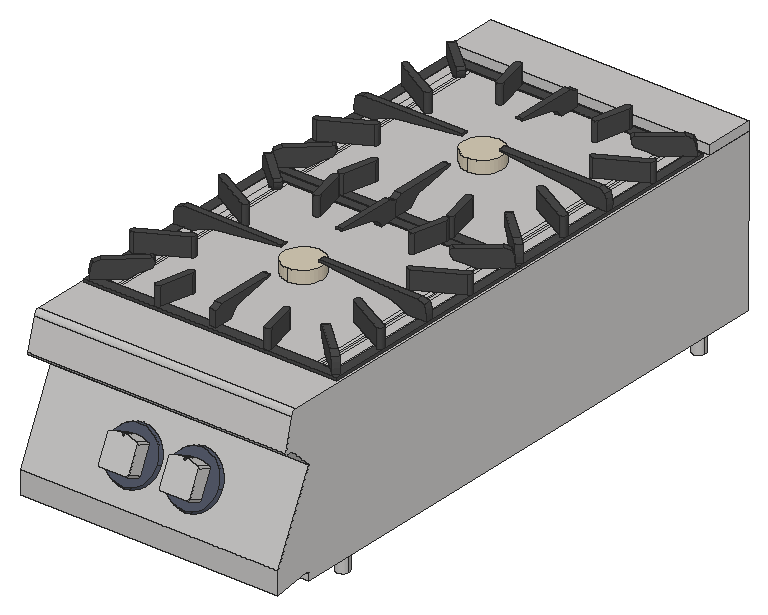
Revit family "QF_ZANUSSI_392000_Z9GCGD2S00", category Specialty Equipment, Revit 2018
Family settings
  Round Connector Dimension = Use Diameter
  Part Type = Normal
  Work Plane-Based = No
  Always vertical = Yes
  Cut with Voids When Loaded = No
  Shared = No
  Room Calculation Point = No
Parameters
  Weight in Pounds = 43
  Weight = 0.00 kg
  Watts = 0 W
  Volts = 0 V
  URL Manufacturer = "http://www.zanussiprofessional.com"
  URL Cutsheet = "www.electrolux.com"
  URL = "http://www.zanussiprofessional.com"
  Type Mark [instance] = ""
  Steam Supply Size = 0"
  Steam Supply Minimum Pressure = 0.00 psi
  Steam Supply Maximum Pressure = 0.00 psi
  Steam Pounds per Hour = 0
  Status [instance] = ""
  Specification by User [instance] = ""
  Specification by Manufacturer = ""
  Show Logo [instance] = yes
  Show Clearance [instance] = yes
  Serial Number = ""
  Seismic Rating = ""
  SMACNA No = ""
  Revision Code [instance] = ""
  Refrigeration Suction Line Size = 0"
  Refrigeration Liquid Line Size = 0"
  Refrigerant Compressor Remote = yes
  Phase = 0
  Omniclass Number and Title = ""
  NAFEM Spec ID Number = ""
  Model = "Z9GCGD2S00"
  Mechanical Remarks [instance] = ""
  Mechanical Connection Type [instance] = ""
  Masterspec = ""
  Manufacturer = "Zanussi"
  Length Actual = 400 mm  # constant formula
  Item Number [instance] = "392000"
  Installed By [instance] = ""
  Identify Quantity as Lot [instance] = yes
  Hot Water Size = 0"
  Height Actual = 250 mm  # constant formula
  HP = "0 HP"
  Gas Size = 1/2"
  Gas RI Height [instance] = 0 mm
  Gas KW [instance] = 12
  Gas Input [instance] = 0.304318 Btu/h
  Gas Connection Height = 0 mm
  Furnished By [instance] = ""
  Foodservice Equipment Identifier [instance] = yes
  Direct Waste Size = 0"
  Description = "2-BURNER GAS BOILING TOP 400 MM"
  Depth Actual = 900 mm  # constant formula
  Cycle = 0 Hz
  Condensate Return Size = 0"
  Compressed Air Volume = 0 GPM
  Compressed Air Size = 0"
  Compressed Air Pressure = 0.00 psi
  Cold Water Size = 0"
  CSI MasterFormat = ""
  CSI Master Format = ""
  Accessory = yes
Reference planes
  plane 1 "BACK": y = 0
  plane 2: z = 0
  plane 3 "LEFT": x = 0
  plane 4 "RIGHT": x = 400.05
  plane 5 "FRONT": y = -915
  plane 6 "TOP": z = 309.563
  plane 7 "Center Y": x = 200.025
  plane 8 "Center X": y = -457.5
  plane 9: z = 23.812
  plane 10: z = 274.638
  plane 11: y = -82
  plane 12: x = 347.663
  plane 13: y = -790
  plane 14: y = -666
  plane 15: y = -609
Forms (mm)
  Extrusion 1, solid, material "QF_Finishes_Stainless Steel"
    sketch origin (0, 0, 0) x (0, 1, 0) y (0, 0, 1)
      loop
        line (0, 23.813) -> (0, 273.813) -> (-879.358, 273.813)
        arc (-879.358, 273.813) -> (-884.643, 271.623) -> (-886.833, 266.338) r 7.474
        line (-886.833, 266.338) -> (-899.884, 220.823)
        arc (-899.884, 220.823) -> (-899.396, 218.191) -> (-897, 216.996) r 3
        line (-897, 216.996) -> (-886.802, 216.996) -> (-854.982, 185.177) -> (-915, 64.321) -> (-915, 29.321) -> (-858.645, 37.241)
        arc (-858.645, 37.241) -> (-856.101, 36.487) -> (-855, 34.072) r 3.2
        line (-855, 34.072) -> (-855, 23.813) -> (0, 23.813)
    from 0 to 400.05
  Extrusion 2, solid, material "QF_Finishes_Stainless Steel"
    sketch origin (0, -836.697, 23.813) x (1, 0, 0) y (0, -1, 0)
      loop
        circle (11.112, -754.697) r 9.5
      loop
        circle (11.112, -46.697) r 9.5
      loop
        circle (388.937, -754.697) r 9.5
      loop
        circle (388.937, -61.972) r 9.5
    from 0 to 23.812
  Extrusion 3, solid, material "QF_Finishes_Stainless Steel"
    sketch origin (0, -836.697, 23.813) x (1, 0, 0) y (0, -1, 0)
      loop
        circle (347.663, -170.697) r 6.4
      loop
        circle (249.05, -227.697) r 6.4
    from 0 to 20
  Extrusion 4, solid, material "QF_Finishes_Stainless Steel"
    sketch origin (0, 0, 0) x (0, 1, 0) y (0, 0, 1)
      loop
        line (0, 274.638) -> (0, 288.925) -> (-75.65, 288.925) -> (-75.65, 274.638) -> (0, 274.638)
    from 0 to 400.05
  Extrusion 5, solid, material "QF_Clearances", visible <- "Show Clearance", detail levels coarse
    sketch origin (0, 0, 0) x (1, 0, 0) y (0, 1, 0)
      loop
        line (0, -915) -> (0, 0) -> (400.05, 0) -> (400.05, -915) -> (500.063, -915) -> (500.063, 100.013) -> (-100.012, 100.013) -> (-100.012, -915) -> (0, -915)
    from 0 to 309.562
  Blend 6, solid, material "QF_Finishes_Navy Blue"
    base sketch origin (152.525, -884.991, 124.749) x (1, 0, 0) y (0, 0.444781, 0.895639)
      loop
        circle (0, 0) r 42.5
    top sketch origin (152.525, -884.991, 124.749) x (1, 0, 0) y (0, 0.444781, 0.895639)
      loop
        circle (0, 0) r 40.5
    from 0 to 5
  Extrusion 7, solid, material "QF_Finishes_Stainless Steel"
    sketch origin (152.525, -884.991, 124.749) x (1, 0, 0) y (0, 0.444781, 0.895639)
      loop
        arc (-21.147, 22.789) -> (-22.494, 21.685) -> (-23, 20.019) r 2.997
        line (-23, 20.019) -> (-23, -20.019)
        arc (-23, -20.019) -> (-22.122, -22.138) -> (-20.003, -23.016) r 2.997
        line (-20.003, -23.016) -> (20.003, -23.016)
        arc (20.003, -23.016) -> (22.122, -22.138) -> (23, -20.019) r 2.997
        line (23, -20.019) -> (23, 20.019)
        arc (23, 20.019) -> (22.494, 21.685) -> (21.147, 22.789) r 2.997
        arc (21.147, 22.789) -> (0, 26.984) -> (-21.147, 22.789) r 55.4
    from 10 to 34
  Extrusion 8, solid, material "QF_Plastic-Black-Matte"
    sketch origin (210.025, -884.991, 124.749) x (0, 0.444781, 0.895639) y (0, -0.895639, 0.444781)
      loop
        line (26.984, 34) -> (26.984, 19) -> (27.984, 19) -> (27.984, 34)
        arc (27.984, 34) -> (27.691, 34.707) -> (26.984, 35) r 1
        line (26.984, 35) -> (23.984, 35) -> (23.984, 34) -> (26.984, 34)
    from -58.5 to -56.5
  Extrusion 9, solid, material "QF_Finishes_Stainless Steel"
    sketch origin (152.525, -884.991, 124.749) x (1, 0, 0) y (0, 0.444781, 0.895639)
      loop
        line (17.5, 17.5) -> (-17.5, 17.5) -> (-17.5, -17.5) -> (17.5, -17.5) -> (17.5, 17.5)
    from 5 to 10
  Blend 10, solid, material "QF_Finishes_Navy Blue"
    base sketch origin (247.525, -884.991, 124.749) x (1, 0, 0) y (0, 0.444781, 0.895639)
      loop
        circle (0, 0) r 42.5
    top sketch origin (247.525, -884.991, 124.749) x (1, 0, 0) y (0, 0.444781, 0.895639)
      loop
        circle (0, 0) r 40.5
    from 0 to 5
  Extrusion 11, solid, material "QF_Finishes_Stainless Steel"
    sketch origin (247.525, -884.991, 124.749) x (1, 0, 0) y (0, 0.444781, 0.895639)
      loop
        arc (-21.147, 22.789) -> (-22.494, 21.685) -> (-23, 20.019) r 2.997
        line (-23, 20.019) -> (-23, -20.019)
        arc (-23, -20.019) -> (-22.122, -22.138) -> (-20.003, -23.016) r 2.997
        line (-20.003, -23.016) -> (20.003, -23.016)
        arc (20.003, -23.016) -> (22.122, -22.138) -> (23, -20.019) r 2.997
        line (23, -20.019) -> (23, 20.019)
        arc (23, 20.019) -> (22.494, 21.685) -> (21.147, 22.789) r 2.997
        arc (21.147, 22.789) -> (0, 26.984) -> (-21.147, 22.789) r 55.4
    from 10 to 34
  Extrusion 12, solid, material "QF_Finishes_Stainless Steel"
    sketch origin (247.525, -884.991, 124.749) x (1, 0, 0) y (0, 0.444781, 0.895639)
      loop
        line (17.5, 17.5) -> (-17.5, 17.5) -> (-17.5, -17.5) -> (17.5, -17.5) -> (17.5, 17.5)
    from 5 to 10
  Extrusion 13, solid, material "QF_Plastic-Black-Matte"
    sketch origin (190.025, -884.991, 124.749) x (0, 0.444781, 0.895639) y (0, 0.895639, -0.444781)
      loop
        line (26.984, -34) -> (23.984, -34) -> (23.984, -35) -> (26.984, -35)
        arc (26.984, -35) -> (27.691, -34.707) -> (27.984, -34) r 1
        line (27.984, -34) -> (27.984, -19) -> (26.984, -19) -> (26.984, -34)
    from -58.5 to -56.5
Lines and regions (mm)
  Split face 1
    outline origin (152.525, -889.469, 126.972) x (1, 0, 0) y (0, 0.444781, 0.895639)
      loop
        circle (-33, 0) r 3
  Split face 2
    outline origin (158.426, -889.469, 126.972) x (1, 0, 0) y (0, 0.444781, 0.895639)
      loop
        line (-8.901, 38.561) -> (-8.901, 28.561) -> (-2.901, 28.561) -> (-2.901, 38.561) -> (-8.901, 38.561)
  Split face 3
    outline origin (158.426, -889.469, 126.972) x (1, 0, 0) y (0, 0.444781, 0.895639)
      loop
        line (-8.401, 38.061) -> (-8.401, 29.061) -> (-3.401, 29.061) -> (-3.401, 38.061) -> (-8.401, 38.061)
  Split face 4
    outline origin (178.182, -875.159, 155.788) x (-1, 0, 0) y (0, -0.444781, -0.895639)
      loop
        circle (43.456, 61.543) r 1.5
  Split face 5
    outline origin (152.525, -889.469, 126.972) x (1, 0, 0) y (0, 0.444781, 0.895639)
      loop
        circle (-24.487, 26.694) r 3.497
  Split face 6
    outline origin (158.426, -859.615, 187.089) x (1, 0, 0) y (0, 0.444781, 0.895639)
      loop
        line (-8.401, -34.061) -> (-3.401, -34.061)
  Split face 7
    outline origin (158.426, -859.615, 187.089) x (1, 0, 0) y (0, 0.444781, 0.895639)
      loop
        line (-8.401, -33.561) -> (-3.401, -33.561)
  Split face 8
    outline origin (158.426, -859.615, 187.089) x (1, 0, 0) y (0, 0.444781, 0.895639)
      loop
        circle (-5.901, -31.311) r 2.029
  Split face 9
    outline origin (253.426, -889.469, 126.972) x (1, 0, 0) y (0, 0.444781, 0.895639)
      loop
        line (-8.901, 38.561) -> (-8.901, 28.561) -> (-2.901, 28.561) -> (-2.901, 38.561) -> (-8.901, 38.561)
  Split face 10
    outline origin (253.426, -889.469, 126.972) x (1, 0, 0) y (0, 0.444781, 0.895639)
      loop
        line (-8.401, 38.061) -> (-8.401, 29.061) -> (-3.401, 29.061) -> (-3.401, 38.061) -> (-8.401, 38.061)
  Split face 11
    outline origin (253.426, -889.469, 126.972) x (1, 0, 0) y (0, 0.444781, 0.895639)
      loop
        line (-8.401, 34.061) -> (-3.401, 34.061)
  Split face 12
    outline origin (253.426, -889.469, 126.972) x (1, 0, 0) y (0, 0.444781, 0.895639)
      loop
        line (-8.401, 33.561) -> (-3.401, 33.561)
  Split face 13
    outline origin (253.426, -889.469, 126.972) x (1, 0, 0) y (0, 0.444781, 0.895639)
      loop
        circle (-5.901, 31.311) r 2.029
  Split face 14
    outline origin (247.525, -889.469, 126.972) x (1, 0, 0) y (0, 0.444781, 0.895639)
      loop
        circle (-33, 0) r 3
  Split face 15
    outline origin (273.182, -875.159, 155.788) x (-1, 0, 0) y (0, -0.444781, -0.895639)
      loop
        circle (43.456, 61.543) r 1.5
  Split face 16
    outline origin (247.525, -889.469, 126.972) x (1, 0, 0) y (0, 0.444781, 0.895639)
      loop
        circle (-24.487, 26.694) r 3.497
  symbolic lines, style "QF_Clearances", visible <- "Show Clearance", detail levels coarse
    curve 1: line (-100.013, -915, 0) -> (-100.013, 100.013, 0)
    curve 2: line (-100.012, 100.013, 0) -> (500.063, 100.013, 0)
    curve 3: line (500.063, 100.013, 0) -> (500.063, -914.604, 0)
  symbolic lines
    curve 4: line (0, 0, 0) -> (400.05, 0, 0)
    curve 5: line (400.05, 0, 0) -> (400.05, -915, 0)
    curve 6: line (0, -915, 0) -> (0, 0, 0)
    curve 7: line (0, -75.65, 0) -> (400.05, -75.65, 0)
    curve 8: line (0, -900, 0) -> (400.05, -900, 0)
    curve 9: line (129.525, -900, 0) -> (129.525, -924.347, 0)
    curve 10: arc (129.525, -924.347, 0) -> (129.671, -924.811, 0) -> (130.057, -925.107, 0) r 0.809
    curve 11: arc (130.057, -925.107, 0) -> (131.245, -925.587, 0) -> (132.522, -925.68, 0) r 4.127
    curve 12: arc (129.525, -904.292, 0) -> (124.484, -902.458, 0) -> (119.716, -900, 0) r 42.24
    curve 13: arc (129.525, -906.539, 0) -> (130.027, -905.818, 0) -> (130.824, -905.448, 0) r 1.682
    curve 14: arc (130.824, -905.448, 0) -> (141.127, -903.95, 0) -> (151.525, -903.441, 0) r 109.079
    curve 15: line (151.525, -900, 0) -> (151.525, -905.671, 0)
    curve 16: line (151.525, -905.671, 0) -> (153.525, -905.671, 0)
    curve 17: line (153.525, -905.671, 0) -> (153.525, -900, 0)
    curve 18: line (175.525, -900, 0) -> (175.525, -924.347, 0)
    curve 19: arc (175.525, -924.347, 0) -> (175.379, -924.811, 0) -> (174.993, -925.107, 0) r 0.809
    curve 20: arc (174.993, -925.107, 0) -> (173.805, -925.587, 0) -> (172.528, -925.68, 0) r 4.127
    curve 21: arc (175.525, -904.292, 0) -> (180.566, -902.458, 0) -> (185.334, -900, 0) r 42.24
    curve 22: arc (175.525, -906.539, 0) -> (175.023, -905.818, 0) -> (174.226, -905.448, 0) r 1.682
    curve 23: arc (174.226, -905.448, 0) -> (163.923, -903.95, 0) -> (153.525, -903.441, 0) r 109.079
    curve 24: line (132.522, -925.68, 0) -> (172.528, -925.68, 0)
    curve 25: line (270.525, -900, 0) -> (270.525, -924.347, 0)
    curve 26: arc (270.525, -924.347, 0) -> (270.379, -924.811, 0) -> (269.993, -925.107, 0) r 0.809
    curve 27: arc (269.993, -925.107, 0) -> (268.805, -925.587, 0) -> (267.528, -925.68, 0) r 4.127
    curve 28: arc (270.525, -904.292, 0) -> (275.566, -902.458, 0) -> (280.334, -900, 0) r 42.24
    curve 29: arc (270.525, -906.539, 0) -> (270.023, -905.818, 0) -> (269.226, -905.448, 0) r 1.682
    curve 30: arc (269.226, -905.448, 0) -> (258.923, -903.95, 0) -> (248.525, -903.441, 0) r 109.079
    curve 31: line (248.525, -900, 0) -> (248.525, -905.671, 0)
    curve 32: line (248.525, -905.671, 0) -> (246.525, -905.671, 0)
    curve 33: line (246.525, -905.671, 0) -> (246.525, -900, 0)
    curve 34: line (224.525, -900, 0) -> (224.525, -924.347, 0)
    curve 35: arc (224.525, -924.347, 0) -> (224.671, -924.811, 0) -> (225.057, -925.107, 0) r 0.809
    curve 36: arc (225.057, -925.107, 0) -> (226.245, -925.587, 0) -> (227.522, -925.68, 0) r 4.127
    curve 37: arc (224.525, -904.292, 0) -> (219.484, -902.458, 0) -> (214.716, -900, 0) r 42.24
    curve 38: arc (224.525, -906.539, 0) -> (225.027, -905.818, 0) -> (225.824, -905.448, 0) r 1.682
    curve 39: arc (225.824, -905.448, 0) -> (236.127, -903.95, 0) -> (246.525, -903.441, 0) r 109.079
    curve 40: line (267.528, -925.68, 0) -> (227.522, -925.68, 0)
    curve 41: line (175.525, -915, 0) -> (224.525, -915, 0)
    curve 42: line (270.525, -915, 0) -> (400.05, -915, 0)
    curve 43: line (0, -915, 0) -> (129.525, -915, 0)
Dimensions and locks
  equal spacing: plane 3 "LEFT", plane 7 "Center Y", plane 4 "RIGHT"
  plane 3 "LEFT" to plane 4 "RIGHT" = 400.05 mm
  equal spacing: plane 5 "FRONT", plane 8 "Center X", plane 1 "BACK"
  plane 5 "FRONT" to plane 1 "BACK" = 915 mm  (x2)
  plane 6 "TOP" to plane 2 = 309.562 mm
  plane 9 to plane 2 = 23.812 mm  (x2)
  plane 6 "TOP" to plane 10 = 34.925 mm
  plane 10 to plane 2 = 274.638 mm
  plane 4 "RIGHT" to plane 12 = 52.388 mm
  Extrusion 2 sketch curve to plane 1 "BACK" = 82 mm
  Extrusion 2 sketch curve to Extrusion 2 sketch curve = 708 mm
  plane 13 to plane 11 to plane 1 "BACK" = 708 mm, 82 mm
  Extrusion 3 sketch curve to plane 1 "BACK" = 666 mm
  Extrusion 3 sketch curve to plane 4 "RIGHT" = 52.388 mm
  Extrusion 3 sketch curve to plane 4 "RIGHT" = 151 mm
  Extrusion 3 sketch curve to plane 1 "BACK" = 609 mm
  Extrusion 3 to plane 9 = 20 mm
  plane 15 to plane 1 "BACK" = 609 mm
  plane 14 to plane 1 "BACK" = 666 mm
  aligned and locked: level to plane 2
  aligned and locked: Extrusion 2 to plane 2
  aligned and locked: Extrusion 1 to plane 4 "RIGHT"
  aligned and locked: plane 6 "TOP" to Extrusion 5
Automatic sketch dimensions
  Extrusion 4 sketch curve to plane 10 = 0 mm
  Extrusion 4 sketch curve to plane 1 "BACK" = 0 mm
  plane 11 to Extrusion 4 sketch curve = 6.35 mm
  Extrusion 4 sketch curve to Extrusion 4 sketch curve = 14.288 mm
  plane 5 "FRONT" to Extrusion 5 sketch curve = 0 mm
  plane 1 "BACK" to Extrusion 5 sketch curve = 0 mm
  Extrusion 5 sketch curve to plane 3 "LEFT" = 0 mm
  Extrusion 5 sketch curve to plane 4 "RIGHT" = 0 mm
  Extrusion 5 sketch curve to plane 3 "LEFT" = 100.012 mm
  Extrusion 5 sketch curve to plane 4 "RIGHT" = 100.013 mm
  Extrusion 5 sketch curve to plane 5 "FRONT" = 0 mm
  Extrusion 5 sketch curve to plane 1 "BACK" = 100.013 mm
  plane 9 to Extrusion 1 sketch curve = 5.508 mm
  plane 5 "FRONT" to Extrusion 1 sketch curve = 0 mm
  Extrusion 1 sketch curve to plane 10 = 53.814 mm
  Extrusion 1 sketch curve to Extrusion 1 sketch curve = 15.116 mm
  Extrusion 1 sketch curve to Extrusion 1 sketch curve = 2.884 mm
  Extrusion 1 sketch curve to plane 10 = 8.299 mm
  Extrusion 1 sketch curve to Extrusion 1 sketch curve = 13.051 mm
  Extrusion 1 sketch curve to plane 10 = 57.641 mm
  Extrusion 1 sketch curve to Extrusion 1 sketch curve = 10.198 mm
  Extrusion 1 sketch curve to plane 10 = 0.825 mm
  plane 9 to Extrusion 1 sketch curve = 13.428 mm
  Extrusion 1 sketch curve to Extrusion 1 sketch curve = 56.355 mm
  Extrusion 1 sketch curve to Extrusion 1 sketch curve = 0.445 mm
  Extrusion 1 sketch curve to Extrusion 1 sketch curve = 3.2 mm
  Extrusion 1 sketch curve to plane 10 = 89.461 mm
  Extrusion 1 sketch curve to Extrusion 1 sketch curve = 31.82 mm
  Extrusion 1 sketch curve to Extrusion 1 sketch curve = 35 mm
  plane 11 to Extrusion 1 sketch curve = 82 mm
  plane 9 to Extrusion 1 sketch curve = 0 mm
  Extrusion 2 sketch curve to plane 11 = 0 mm
  plane 3 "LEFT" to Extrusion 2 sketch curve = 11.112 mm  (x2)
  plane 4 "RIGHT" to Extrusion 2 sketch curve = 11.113 mm  (x2)
  plane 13 to Extrusion 2 sketch curve = 15.275 mm
  plane 3 "LEFT" to Blend 6 sketch curve = 152.525 mm  (x2)
  plane 3 "LEFT" to Extrusion 7 sketch curve = 129.525 mm
  Extrusion 7 sketch curve to Extrusion 7 sketch curve = 2.997 mm  (x3)
  Extrusion 7 sketch curve to Extrusion 7 sketch curve = 20.003 mm  (x2)
  plane 3 "LEFT" to Extrusion 7 sketch curve = 172.528 mm
  Extrusion 7 sketch curve to Extrusion 7 sketch curve = 5.399 mm
  Extrusion 7 sketch curve to Extrusion 7 sketch curve = 40.037 mm
  Extrusion 7 sketch curve to Extrusion 7 sketch curve = 0 mm  (x2)
  Extrusion 8 sketch curve to plane 5 "FRONT" = 9.329 mm
  Extrusion 8 sketch curve to plane 10 = 112.841 mm
  Extrusion 8 sketch curve to Extrusion 8 sketch curve = 3 mm
  Extrusion 8 sketch curve to Extrusion 8 sketch curve = 0 mm  (x2)
  Extrusion 8 sketch curve to Extrusion 8 sketch curve = 1 mm
  Extrusion 8 sketch curve to Extrusion 8 sketch curve = 15 mm
  plane 3 "LEFT" to Extrusion 9 sketch curve = 135.025 mm
  Extrusion 9 sketch curve to Extrusion 9 sketch curve = 35 mm  (x2)
  Split face 2 sketch curve to Split face 2 sketch curve = 6 mm
  Split face 2 sketch curve to Split face 2 sketch curve = 10 mm
  Split face 3 sketch curve to Split face 3 sketch curve = 5 mm
  Split face 3 sketch curve to Split face 3 sketch curve = 9 mm
  Split face 6 sketch curve to Split face 6 sketch curve = 5 mm
  Split face 7 sketch curve to Split face 7 sketch curve = 5 mm
  plane 3 "LEFT" to Blend 10 sketch curve = 247.525 mm  (x2)
  plane 3 "LEFT" to Extrusion 11 sketch curve = 224.525 mm
  Extrusion 11 sketch curve to Extrusion 11 sketch curve = 2.997 mm  (x3)
  Extrusion 11 sketch curve to Extrusion 11 sketch curve = 20.003 mm  (x2)
  Extrusion 11 sketch curve to Extrusion 11 sketch curve = 40.005 mm
  Extrusion 11 sketch curve to Extrusion 11 sketch curve = 5.399 mm
  Extrusion 11 sketch curve to Extrusion 11 sketch curve = 40.037 mm
  Extrusion 11 sketch curve to Extrusion 11 sketch curve = 0 mm  (x2)
  plane 3 "LEFT" to Extrusion 12 sketch curve = 230.025 mm
  Extrusion 12 sketch curve to Extrusion 12 sketch curve = 35 mm  (x2)
  Extrusion 13 sketch curve to plane 5 "FRONT" = 9.329 mm
  Extrusion 13 sketch curve to plane 10 = 112.841 mm
  Extrusion 13 sketch curve to Extrusion 13 sketch curve = 3 mm
  Extrusion 13 sketch curve to Extrusion 13 sketch curve = 0 mm
  Extrusion 13 sketch curve to Extrusion 13 sketch curve = 1 mm  (x2)
  Extrusion 13 sketch curve to Extrusion 13 sketch curve = 15 mm
  Split face 9 sketch curve to Split face 9 sketch curve = 6 mm
  Split face 9 sketch curve to Split face 9 sketch curve = 10 mm
  Split face 10 sketch curve to Split face 10 sketch curve = 5 mm
  Split face 10 sketch curve to Split face 10 sketch curve = 9 mm
  Split face 11 sketch curve to Split face 11 sketch curve = 5 mm
  Split face 12 sketch curve to Split face 12 sketch curve = 5 mm
  plane 5 "FRONT" to curve 1 = 0 mm
  curve 8 to plane 3 "LEFT" = 0 mm
  plane 1 "BACK" to curve 4 = 0 mm
  curve 4 to plane 4 "RIGHT" = 0 mm
  plane 5 "FRONT" to curve 6 = 0 mm
  plane 5 "FRONT" to curve 5 = 0 mm
  curve 2 to plane 3 "LEFT" = 100.012 mm
  curve 9 to plane 7 "Center Y" = 70.5 mm
  curve 9 to curve 10 = 0.809 mm
  curve 13 to curve 13 = 1.583 mm
  curve 10 to curve 11 = 1.846 mm
  curve 10 to curve 24 = 2.189 mm
  curve 9 to curve 12 = 11.892 mm
  curve 13 to curve 16 = 20.417 mm
  curve 14 to plane 7 "Center Y" = 48.369 mm
  curve 14 to curve 23 = 1.738 mm
  curve 15 to curve 17 = 2 mm
  curve 12 to curve 21 = 22.215 mm
  curve 16 to curve 24 = 19.003 mm
  curve 24 to curve 20 = 0.343 mm
  curve 20 to curve 22 = 1.071 mm
  curve 24 to curve 19 = 2.189 mm
  curve 19 to curve 18 = 0.809 mm
  plane 7 "Center Y" to curve 34 = 24.5 mm
  curve 34 to curve 35 = 0.809 mm
  curve 38 to curve 38 = 1.583 mm
  curve 35 to curve 36 = 1.846 mm
  curve 35 to curve 40 = 2.189 mm
  curve 34 to curve 37 = 11.892 mm
  curve 38 to curve 32 = 20.417 mm
  plane 7 "Center Y" to curve 39 = 46.631 mm
  curve 39 to curve 30 = 1.738 mm
  curve 32 to curve 31 = 2 mm
  curve 37 to curve 28 = 22.215 mm
  curve 31 to curve 40 = 19.003 mm
  curve 27 to curve 27 = 0.343 mm
  curve 27 to curve 29 = 1.071 mm
  curve 27 to curve 26 = 2.189 mm
  curve 26 to curve 25 = 0.809 mm
  curve 3 to plane 4 "RIGHT" = 100.013 mm
  curve 37 to curve 28 = 0 mm
  curve 12 to curve 21 = 0 mm
  curve 16 to curve 21 = 41.91 mm
  curve 32 to curve 37 = 41.91 mm
  curve 22 to curve 16 = 1.435 mm
  curve 29 to curve 31 = 1.435 mm
  curve 13 to curve 15 = 1.435 mm
  curve 38 to curve 32 = 1.435 mm
  curve 36 to curve 38 = 14.462 mm
  curve 11 to curve 13 = 14.462 mm
  curve 27 to curve 29 = 14.462 mm
  curve 20 to curve 22 = 14.462 mm
  curve 19 to curve 20 = 2.779 mm
  curve 35 to curve 36 = 2.779 mm
  curve 25 to curve 27 = 2.779 mm
  curve 9 to curve 11 = 2.779 mm
  curve 40 to curve 26 = 1.333 mm
  curve 24 to curve 10 = 1.333 mm
  curve 23 to curve 20 = 86.839 mm
  curve 14 to curve 23 = 0 mm  (x2)
  curve 30 to curve 40 = 86.839 mm
  curve 39 to curve 30 = 0 mm  (x2)
  curve 1 to plane 1 "BACK" = 100.013 mm
  curve 12 to curve 9 = 9.809 mm
  curve 14 to curve 13 = 0.284 mm
  curve 22 to curve 22 = 0.284 mm
  curve 18 to curve 21 = 9.809 mm
  curve 37 to curve 34 = 9.809 mm
  curve 39 to curve 38 = 0.284 mm
  curve 29 to curve 30 = 0.284 mm
  curve 25 to curve 28 = 9.809 mm
  curve 13 to curve 9 = 7.106 mm
  curve 16 to curve 23 = 2.23 mm
  curve 32 to curve 39 = 2.23 mm
  curve 20 to curve 41 = 6.567 mm
  curve 3 to plane 5 "FRONT" = 0.396 mm
  plane 11 to curve 7 = 6.35 mm
  curve 23 to curve 30 = 0 mm
  plane 5 "FRONT" to curve 41 = 0 mm
  radius of Extrusion 2 sketch curve = 9.5 mm  (x4)
  radius of Extrusion 3 sketch curve = 6.4 mm  (x2)
  radius of Blend 6 sketch curve = 42.5 mm
  radius of Blend 6 sketch curve = 40.5 mm
  radius of Split face 1 sketch curve = 3 mm
  radius of Split face 4 sketch curve = 1.5 mm
  radius of Split face 5 sketch curve = 3.497 mm
  radius of Split face 8 sketch curve = 2.029 mm
  radius of Blend 10 sketch curve = 42.5 mm
  radius of Blend 10 sketch curve = 40.5 mm
  radius of Split face 13 sketch curve = 2.029 mm
  radius of Split face 14 sketch curve = 3 mm
  radius of Split face 15 sketch curve = 1.5 mm
  radius of Split face 16 sketch curve = 3.497 mm
Nested families
  nested 1: "QF_392000_BURNER" at (3.175, -440.488, -576.213), type "QF_392000_BURNER"
    with Type Mark "", Status "", Specification by User "", Revision Code "", Item Number "", Installed By "", Identify Quantity as Lot yes, Furnished By "", Foodservice Equipment Identifier yes
  nested 2: "QF_392000_BURNER" at (3.175, -440.488, -576.213), type "QF_392000_BURNER"
    with Type Mark "", Status "", Specification by User "", Revision Code "", Item Number "", Installed By "", Identify Quantity as Lot yes, Furnished By "", Foodservice Equipment Identifier yes
Connectors
  piping at (347.663, -666, 3.813), diameter 12.8
    settings: on Extrusion 3, index 1, connector inside diameter 0.50394", connector length 0 mm, flow factor 0, pipe flow 0 GPM, pressure drop 0.00 psi, fitting loss kfactor 0, connector angle 0.00°, fixture units 0, engagement length 0 mm, angle of deflection 0.00°, flow configuration 1, flow direction 1, fitting loss method 0, system type 7, joint type 0, gender type 0, connector reference index -1, connector utility 0, adjustable connector no, is connector primary yes, connector description "GAS CONNECTION"
Definition of nested family "QF_392000_BURNER"
  Parameters
    Weight in Pounds = 0
    URL Cutsheet = ""
    URL = "www.electrolux.com"
    Type Mark [instance] = ""
    Status [instance] = ""
    Specification by User [instance] = ""
    Specification by Manufacturer = ""
    Show Clearance [instance] = yes
    Serial Number = ""
    Seismic Rating = ""
    SMACNA No = ""
    Revision Code [instance] = ""
    Omniclass Number and Title = ""
    NAFEM Spec ID Number = ""
    Model = "371009"
    Masterspec = ""
    Manufacturer = "ELECTROLUX"
    Item Number [instance] = ""
    Installed By [instance] = ""
    Identify Quantity as Lot [instance] = yes
    Furnished By [instance] = ""
    Foodservice Equipment Identifier [instance] = yes
    Description = ""
    CSI MasterFormat = ""
    CSI Master Format = ""
  Reference planes
    plane 1 "BACK": y = 0
    plane 2: z = 0
    plane 3 "LEFT": x = 0
    plane 4 "RIGHT": x = 393.7
    plane 5 "FRONT": y = -355.6
    plane 6 "TOP": z = 908.85
    plane 7 "Center Y": x = 196.85
    plane 8 "Center X": y = -177.8
    plane 9 "Base": z = 150
    plane 10: z = 850.85
  Forms (mm)
    Extrusion 1, solid
      sketch origin (-6.433, -404.961, 5) x (1, 0, 0) y (0, 0, -1)
        loop
          arc (7.142, -850.85) -> (6.739, -862.989) -> (9.761, -874.752) r 42.809
          line (9.761, -874.752) -> (19.961, -879.425) -> (173.122, -879.425)
          arc (173.122, -879.425) -> (174.316, -878.312) -> (173.289, -877.043) r 1.197
          line (173.289, -877.043) -> (64.848, -864.021)
          arc (64.848, -864.021) -> (50.111, -858.738) -> (36.589, -850.85) r 85.245
          line (36.589, -850.85) -> (7.142, -850.85)
        loop
          line (399.424, -850.85) -> (369.977, -850.85)
          arc (369.977, -850.85) -> (356.455, -858.738) -> (341.718, -864.021) r 85.245
          line (341.718, -864.021) -> (233.277, -877.043)
          arc (233.277, -877.043) -> (232.25, -878.312) -> (233.444, -879.425) r 1.197
          line (233.444, -879.425) -> (386.605, -879.425) -> (396.806, -874.752)
          arc (396.806, -874.752) -> (399.827, -862.989) -> (399.424, -850.85) r 42.809
      from 224.564 to 234.564
    Extrusion 2, solid
      sketch origin (196.85, 175.397, 1219.2) x (0, 1, 0) y (0, 0, 1)
        loop
          line (-204.463, -363.35) -> (-175.397, -363.35) -> (-175.397, -339.506)
          arc (-175.397, -339.506) -> (-181.025, -338.266) -> (-185.611, -334.775) r 13.39
          line (-185.611, -334.775) -> (-278.903, -334.775)
          arc (-278.903, -334.775) -> (-280.097, -335.888) -> (-279.07, -337.157) r 1.197
          line (-279.07, -337.157) -> (-227.151, -347.464)
          arc (-227.151, -347.464) -> (-213.741, -352.457) -> (-204.463, -363.35) r 28.426
        loop
          arc (-496.332, -363.35) -> (-487.053, -352.457) -> (-473.644, -347.464) r 28.426
          line (-473.644, -347.464) -> (-421.725, -337.157)
          arc (-421.725, -337.157) -> (-420.697, -335.888) -> (-421.891, -334.775) r 1.197
          line (-421.891, -334.775) -> (-515.184, -334.775)
          arc (-515.184, -334.775) -> (-519.769, -338.266) -> (-525.397, -339.506) r 13.39
          line (-525.397, -339.506) -> (-525.397, -363.35) -> (-496.332, -363.35)
      from -5 to 5
    Extrusion 3, solid
      sketch origin (-6.433, 367.064, 850.85) x (0, -1, 0) y (1, 0, 0)
        loop
          line (722.664, 6.433) -> (722.664, 400.133) -> (367.064, 400.133) -> (367.064, 6.433) -> (722.664, 6.433)
        loop
          line (382.064, 21.433) -> (707.664, 21.433) -> (707.664, 385.133) -> (382.064, 385.133) -> (382.064, 21.433)
      from 0 to 5
    Extrusion 4, solid
      sketch origin (-18.933, 367.064, 855.85) x (0, -1, 0) y (1, 0, 0)
        loop
          circle (541.667, 215.783) r 30
      from -1.321 to 17.134
    Extrusion 5, solid
      sketch origin (-6.433, -367.064, 0) x (1, 0, 0) y (0, 0, -1)
        loop
          line (21.433, -855.85) -> (36.589, -855.85)
          arc (36.589, -855.85) -> (40.561, -855.243) -> (44.305, -853.783) r 18.259
          arc (44.305, -853.783) -> (45.997, -853.366) -> (47.69, -853.783) r 3.649
          arc (47.69, -853.783) -> (49.901, -854.522) -> (52.232, -854.529) r 7.328
          line (52.232, -854.529) -> (354.334, -854.529)
          arc (354.334, -854.529) -> (356.666, -854.522) -> (358.877, -853.783) r 7.328
          arc (358.877, -853.783) -> (360.569, -853.366) -> (362.261, -853.783) r 3.649
          arc (362.261, -853.783) -> (366.005, -855.243) -> (369.977, -855.85) r 18.259
          line (369.977, -855.85) -> (385.133, -855.85) -> (385.133, -850.85) -> (21.433, -850.85) -> (21.433, -855.85)
      from 26.464 to 352.064
    Extrusion 6, solid
      sketch origin (83.284, -458.334, 5) x (0.742103, 0.670286, 0) y (0, 0, -1)
        loop
          arc (88.629, -864.012) -> (73.909, -858.731) -> (60.402, -850.85) r 85.245
          line (60.402, -850.85) -> (14.993, -850.85)
          arc (14.993, -850.85) -> (14.642, -862.948) -> (17.686, -874.663) r 42.876
          line (17.686, -874.663) -> (27.899, -879.425) -> (89.664, -879.425)
          arc (89.664, -879.425) -> (92.39, -878.352) -> (93.654, -875.709) r 4
          arc (93.654, -875.709) -> (92.562, -869.25) -> (88.629, -864.012) r 13.87
        loop
          arc (457.638, -864.012) -> (453.704, -869.25) -> (452.613, -875.709) r 13.87
          arc (452.613, -875.709) -> (453.876, -878.352) -> (456.603, -879.425) r 4
          line (456.603, -879.425) -> (518.367, -879.425) -> (528.581, -874.663)
          arc (528.581, -874.663) -> (531.624, -862.948) -> (531.273, -850.85) r 42.876
          line (531.273, -850.85) -> (485.865, -850.85)
          arc (485.865, -850.85) -> (472.357, -858.731) -> (457.638, -864.012) r 85.245
      from 127.064 to 137.064
    Extrusion 7, solid
      sketch origin (310.416, -458.334, 5) x (-0.742103, 0.670286, 0) y (0, 0, 1)
        loop
          arc (88.629, 864.012) -> (92.562, 869.25) -> (93.654, 875.709) r 13.87
          arc (93.654, 875.709) -> (92.39, 878.352) -> (89.664, 879.425) r 4
          line (89.664, 879.425) -> (27.899, 879.425) -> (17.686, 874.663)
          arc (17.686, 874.663) -> (14.642, 862.948) -> (14.993, 850.85) r 42.876
          line (14.993, 850.85) -> (60.402, 850.85)
          arc (60.402, 850.85) -> (73.909, 858.731) -> (88.629, 864.012) r 85.245
        loop
          arc (457.638, 864.012) -> (472.357, 858.731) -> (485.865, 850.85) r 85.245
          line (485.865, 850.85) -> (531.273, 850.85)
          arc (531.273, 850.85) -> (531.624, 862.948) -> (528.581, 874.663) r 42.876
          line (528.581, 874.663) -> (518.367, 879.425) -> (456.603, 879.425)
          arc (456.603, 879.425) -> (453.876, 878.352) -> (452.613, 875.709) r 4
          arc (452.613, 875.709) -> (453.704, 869.25) -> (457.638, 864.012) r 13.87
      from 127.064 to 137.064
    Extrusion 8, solid
      sketch origin (-6.433, 367.064, 855.85) x (0, -1, 0) y (1, 0, 0)
        loop
          arc (626.166, 9.428) -> (632.956, 7.454) -> (634.93, 14.244) r 5
          line (634.93, 14.244) -> (600.514, 76.878)
          arc (600.514, 76.878) -> (593.724, 78.852) -> (591.75, 72.062) r 5
          line (591.75, 72.062) -> (626.166, 9.428)
        loop
          line (463.562, 9.428) -> (497.977, 72.062)
          arc (497.977, 72.062) -> (496.003, 78.852) -> (489.213, 76.878) r 5
          line (489.213, 76.878) -> (454.798, 14.244)
          arc (454.798, 14.244) -> (456.772, 7.454) -> (463.562, 9.428) r 5
        loop
          line (626.166, 397.138) -> (591.75, 334.504)
          arc (591.75, 334.504) -> (593.724, 327.714) -> (600.514, 329.689) r 5
          line (600.514, 329.689) -> (634.93, 392.323)
          arc (634.93, 392.323) -> (632.956, 399.113) -> (626.166, 397.138) r 5
        loop
          arc (463.562, 397.138) -> (456.772, 399.113) -> (454.798, 392.323) r 5
          line (454.798, 392.323) -> (489.213, 329.689)
          arc (489.213, 329.689) -> (496.003, 327.714) -> (497.977, 334.504) r 5
          line (497.977, 334.504) -> (463.562, 397.138)
        loop
          line (715.14, 293.499) -> (666.703, 282.317)
          arc (666.703, 282.317) -> (662.956, 276.32) -> (668.953, 272.573) r 5
          line (668.953, 272.573) -> (717.389, 283.756)
          arc (717.389, 283.756) -> (721.136, 289.752) -> (715.14, 293.499) r 5
        loop
          arc (715.14, 113.067) -> (721.136, 116.814) -> (717.389, 122.811) r 5
          line (717.389, 122.811) -> (668.953, 133.993)
          arc (668.953, 133.993) -> (662.956, 130.246) -> (666.703, 124.249) r 5
          line (666.703, 124.249) -> (715.14, 113.067)
        loop
          arc (374.588, 293.499) -> (368.591, 289.752) -> (372.338, 283.756) r 5
          line (372.338, 283.756) -> (420.775, 272.573)
          arc (420.775, 272.573) -> (426.771, 276.32) -> (423.024, 282.317) r 5
          line (423.024, 282.317) -> (374.588, 293.499)
        loop
          line (374.588, 113.067) -> (423.024, 124.249)
          arc (423.024, 124.249) -> (426.771, 130.246) -> (420.775, 133.993) r 5
          line (420.775, 133.993) -> (372.338, 122.811)
          arc (372.338, 122.811) -> (368.591, 116.814) -> (374.588, 113.067) r 5
      from 0 to 28.575
  Lines and regions (mm)
    symbolic lines
      curve 1: line (0, -355.6, 150) -> (393.7, -355.6, 150)
      curve 2: line (0, 0, 150) -> (0, -355.6, 150)
      curve 3: line (393.7, -355.6, 150) -> (393.7, 0, 150)
      curve 4: line (369.633, -15, 150) -> (285.34, -15, 150)
      curve 5: line (24.067, -340.6, 150) -> (108.36, -340.6, 150)
      curve 6: line (157.475, -170.397, 150) -> (157.475, -15, 150)
      curve 7: line (236.225, -170.397, 150) -> (236.225, -15, 150)
      curve 8: line (201.85, -350, 150) -> (201.85, -176.674, 150)
      curve 9: line (0, -180.397, 150) -> (167.224, -180.397, 150)
      curve 10: line (393.7, -170.397, 150) -> (228.275, -170.397, 150)
      curve 11: line (15, -180.397, 150) -> (15, -252.506, 150)
      curve 12: line (45.799, -340.6, 150) -> (45.799, -320.971, 150)
      curve 13: line (167.224, -170.397, 150) -> (0, -170.397, 150)
      curve 14: line (228.275, -180.504, 150) -> (393.7, -180.504, 150)
      curve 15: arc (228.275, -170.397, 150) -> (223.221, -175.45, 150) -> (228.275, -180.504, 150) r 5.054
      curve 16: arc (167.224, -170.397, 150) -> (172.224, -175.397, 150) -> (167.224, -180.397, 150) r 5
      curve 17: line (191.85, -176.674, 150) -> (191.85, -350, 150)
      curve 18: line (201.85, -134.556, 150) -> (201.85, -0.794, 150)
      curve 19: arc (201.85, -176.674, 150) -> (196.85, -171.674, 150) -> (191.85, -176.674, 150) r 5
      curve 20: arc (201.85, -134.556, 150) -> (196.85, -139.556, 150) -> (191.85, -134.556, 150) r 5
      curve 21: line (191.85, -15, 150) -> (118.623, -15, 150)
      curve 22: arc (201.85, -29.042, 150) -> (213.272, -50.008, 150) -> (201.85, -70.973, 150) r 24.953
      curve 23: arc (213.086, -53.048, 150) -> (214.5, -50.008, 150) -> (213.086, -46.967, 150) r 3.975
      curve 24: arc (191.85, -29.852, 150) -> (181.339, -50.008, 150) -> (191.85, -70.163, 150) r 24.58
      curve 25: arc (181.527, -53.042, 150) -> (179.976, -50.008, 150) -> (181.527, -46.973, 150) r 3.745
      curve 26: line (191.85, -0.794, 150) -> (191.85, -134.556, 150)
      curve 27: line (191.85, -350, 150) -> (201.85, -350, 150)
      curve 28: line (191.85, -11.007, 150) -> (201.85, -11.007, 150)
      curve 29: line (191.85, -0.794, 150) -> (201.85, -0.794, 150)
      curve 30: line (201.85, -340.6, 150) -> (275.077, -340.6, 150)
      curve 31: arc (196.85, -145.397, 0) -> (166.955, -172.888, 0) -> (191.85, -204.977, 0) r 30
      curve 32: arc (201.85, -204.977, 0) -> (226.745, -172.888, 0) -> (196.85, -145.397, 0) r 30
      curve 33: arc (158.678, -180.397, 0) -> (170.734, -200.207, 0) -> (191.85, -209.795, 0) r 39.375
      curve 34: line (163.825, -170.397, 150) -> (163.825, -15, 150)
      curve 35: line (229.875, -170.397, 150) -> (229.875, -15, 150)
      curve 36: line (144.775, -170.397, 150) -> (144.775, -15, 150)
      curve 37: line (248.925, -170.397, 150) -> (248.925, -15, 150)
      curve 38: arc (145.678, -180.397, 0) -> (161.728, -209.187, 0) -> (191.85, -222.573, 0) r 52.075
      curve 39: arc (201.85, -209.795, 0) -> (222.966, -200.207, 0) -> (235.022, -180.397, 0) r 39.375
      curve 40: arc (201.85, -222.573, 0) -> (231.931, -209.224, 0) -> (248.001, -180.504, 0) r 52.075
      curve 41: line (393.7, 0, 0) -> (0, 0, 0)
      curve 42: line (70.445, -122.149, 0) -> (7.81, -87.734, 0)
      curve 43: arc (7.81, -87.734, 0) -> (1.021, -89.708, 0) -> (2.995, -96.498, 0) r 5
      curve 44: line (2.995, -96.498, 0) -> (65.629, -130.914, 0)
      curve 45: arc (65.629, -130.914, 0) -> (72.419, -128.939, 0) -> (70.445, -122.149, 0) r 5
      curve 46: line (65.629, -224.686, 0) -> (2.995, -259.102, 0)
      curve 47: arc (2.995, -259.102, 0) -> (1.021, -265.892, 0) -> (7.81, -267.866, 0) r 5
      curve 48: line (7.81, -267.866, 0) -> (70.445, -233.451, 0)
      curve 49: arc (70.445, -233.451, 0) -> (72.419, -226.661, 0) -> (65.629, -224.686, 0) r 5
      curve 50: line (323.255, -122.149, 0) -> (385.89, -87.734, 0)
      curve 51: arc (385.89, -87.734, 0) -> (392.679, -89.708, 0) -> (390.705, -96.498, 0) r 5
      curve 52: line (390.705, -96.498, 0) -> (328.071, -130.914, 0)
      curve 53: arc (328.071, -130.914, 0) -> (321.281, -128.939, 0) -> (323.255, -122.149, 0) r 5
      curve 54: line (328.071, -224.686, 0) -> (390.705, -259.102, 0)
      curve 55: arc (390.705, -259.102, 0) -> (392.679, -265.892, 0) -> (385.89, -267.866, 0) r 5
      curve 56: line (385.89, -267.866, 0) -> (323.255, -233.451, 0)
      curve 57: arc (323.255, -233.451, 0) -> (321.281, -226.661, 0) -> (328.071, -224.686, 0) r 5
      curve 58: line (118.623, -340.6, 150) -> (191.85, -340.6, 150)
      curve 59: line (285.34, -340.6, 150) -> (369.633, -340.6, 150)
      curve 60: line (378.7, -335.314, 0) -> (378.7, -263.916, 0)
      curve 61: line (1.326, -7.935, 0) -> (58.752, -59.804, 0)
      curve 62: line (65.455, -52.383, 0) -> (8.029, -0.514, 0)
      curve 63: arc (58.752, -59.804, 0) -> (65.814, -59.445, 0) -> (65.455, -52.383, 0) r 5
      curve 64: line (1.326, -7.935, 0) -> (8.029, -0.514, 0)
      curve 65: line (392.374, -7.935, 0) -> (334.948, -59.804, 0)
      curve 66: line (328.245, -52.383, 0) -> (385.671, -0.514, 0)
      curve 67: arc (334.948, -59.804, 0) -> (327.886, -59.445, 0) -> (328.245, -52.383, 0) r 5
      curve 68: line (392.374, -7.935, 0) -> (385.671, -0.514, 0)
      curve 69: line (392.374, -347.665, 0) -> (334.948, -295.796, 0)
      curve 70: line (328.245, -303.217, 0) -> (385.671, -355.086, 0)
      curve 71: arc (334.948, -295.796, 0) -> (327.886, -296.155, 0) -> (328.245, -303.217, 0) r 5
      curve 72: line (392.374, -347.665, 0) -> (385.671, -355.086, 0)
      curve 73: line (1.326, -347.665, 0) -> (58.752, -295.796, 0)
      curve 74: line (65.455, -303.217, 0) -> (8.029, -355.086, 0)
      curve 75: arc (58.752, -295.796, 0) -> (65.814, -296.155, 0) -> (65.455, -303.217, 0) r 5
      curve 76: line (1.326, -347.665, 0) -> (8.029, -355.086, 0)
      curve 77: line (347.901, -15, 0) -> (347.901, -34.629, 0)
      curve 78: line (347.901, -320.971, 0) -> (347.901, -340.6, 0)
      curve 79: line (378.7, -252.506, 0) -> (378.7, -180.397, 0)
      curve 80: line (347.901, -246.993, 0) -> (347.901, -307.496, 0)
      curve 81: line (378.7, -170.397, 0) -> (378.7, -103.094, 0)
      curve 82: line (347.901, -180.397, 0) -> (347.901, -235.582, 0)
      curve 83: line (378.7, -91.684, 0) -> (378.7, -20.286, 0)
      curve 84: line (347.901, -120.018, 0) -> (347.901, -170.397, 0)
      curve 85: line (347.901, -48.104, 0) -> (347.901, -108.607, 0)
      curve 86: line (275.077, -15, 150) -> (201.85, -15, 150)
      curve 87: line (108.36, -15, 150) -> (24.067, -15, 150)
      curve 88: line (45.799, -40, 150) -> (45.799, -15, 150)
      curve 89: line (45.799, -108.607, 150) -> (45.799, -40, 150)
      curve 90: line (15, -20.286, 0) -> (15, -91.684, 0)
      curve 91: line (15, -103.094, 0) -> (15, -170.397, 0)
      curve 92: line (45.799, -170.397, 150) -> (45.799, -120.018, 150)
      curve 93: line (45.799, -235.582, 150) -> (45.799, -180.397, 150)
      curve 94: line (15, -263.916, 150) -> (15, -335.314, 150)
      curve 95: line (45.799, -307.496, 150) -> (45.799, -246.993, 150)
      curve 96: line (116.378, -350.325, 0) -> (127.56, -301.889, 0)
      curve 97: arc (127.56, -301.889, 0) -> (123.813, -295.892, 0) -> (117.816, -299.64, 0) r 5
      curve 98: line (117.816, -299.64, 0) -> (106.634, -348.076, 0)
      curve 99: arc (106.634, -348.076, 0) -> (110.381, -354.072, 0) -> (116.378, -350.325, 0) r 5
      curve 100: line (266.14, -301.889, 0) -> (277.322, -350.325, 0)
      curve 101: arc (277.322, -350.325, 0) -> (283.319, -354.072, 0) -> (287.066, -348.076, 0) r 5
      curve 102: line (287.066, -348.076, 0) -> (275.884, -299.64, 0)
      curve 103: arc (275.884, -299.64, 0) -> (269.887, -295.892, 0) -> (266.14, -301.889, 0) r 5
      curve 104: line (275.884, -55.96, 0) -> (287.066, -7.524, 0)
      curve 105: arc (287.066, -7.524, 0) -> (283.319, -1.528, 0) -> (277.322, -5.275, 0) r 5
      curve 106: line (277.322, -5.275, 0) -> (266.14, -53.711, 0)
      curve 107: arc (266.14, -53.711, 0) -> (269.887, -59.708, 0) -> (275.884, -55.96, 0) r 5
      curve 108: line (127.56, -53.711, 0) -> (116.378, -5.275, 0)
      curve 109: arc (116.378, -5.275, 0) -> (110.381, -1.528, 0) -> (106.634, -7.524, 0) r 5
      curve 110: line (106.634, -7.524, 0) -> (117.816, -55.96, 0)
      curve 111: arc (117.816, -55.96, 0) -> (123.813, -59.708, 0) -> (127.56, -53.711, 0) r 5
  Dimensions and locks
    equal spacing: plane 3 "LEFT", plane 7 "Center Y", plane 4 "RIGHT"
    plane 3 "LEFT" to plane 4 "RIGHT" = 393.7 mm
    equal spacing: plane 5 "FRONT", plane 8 "Center X", plane 1 "BACK"
    plane 5 "FRONT" to plane 1 "BACK" = 355.6 mm
    plane 6 "TOP" to level = 908.85 mm
    plane 9 "Base" to level = 150 mm
    plane 6 "TOP" to plane 10 = 58 mm  (x2)
    locked: Extrusion 4 sketch curve to plane 7 "Center Y" at 0
    aligned and locked: level to plane 2
  Automatic sketch dimensions
    curve 10 to plane 4 "RIGHT" = 0 mm
    curve 20 to plane 7 "Center Y" = 0 mm
    curve 19 to plane 7 "Center Y" = 0 mm
    curve 9 to plane 3 "LEFT" = 0 mm
    plane 1 "BACK" to curve 2 = 0 mm
    plane 1 "BACK" to curve 3 = 0 mm
    plane 5 "FRONT" to curve 2 = 0 mm
    curve 4 to plane 4 "RIGHT" = 24.067 mm
    curve 59 to plane 4 "RIGHT" = 24.067 mm
    plane 1 "BACK" to curve 37 = 15 mm
    plane 7 "Center Y" to curve 37 = 52.075 mm
    curve 37 to curve 7 = 12.7 mm
    curve 7 to curve 35 = 6.35 mm
    plane 8 "Center X" to curve 15 = 2.35 mm
    curve 35 to curve 15 = 1.6 mm
    plane 7 "Center Y" to curve 23 = 16.236 mm
    curve 23 to curve 23 = 0 mm
    curve 23 to curve 23 = 2.56 mm
    curve 23 to curve 24 = 4.607 mm
    plane 7 "Center Y" to curve 86 = 5 mm
    plane 7 "Center Y" to curve 27 = 5 mm
    curve 22 to plane 7 "Center Y" = 8.531 mm
    curve 22 to curve 25 = 4.597 mm
    curve 25 to curve 25 = 2.194 mm  (x2)
    curve 9 to plane 8 "Center X" = 2.597 mm
    curve 17 to curve 9 = 24.626 mm
    curve 21 to curve 34 = 28.025 mm
    curve 34 to curve 6 = 6.35 mm
    plane 8 "Center X" to curve 36 = 7.403 mm
    curve 6 to curve 36 = 12.7 mm
    plane 3 "LEFT" to curve 12 = 45.799 mm
    plane 3 "LEFT" to curve 87 = 24.067 mm
    plane 3 "LEFT" to curve 5 = 24.067 mm
    plane 1 "BACK" to curve 26 = 0.794 mm
    curve 28 to curve 86 = 3.993 mm
    curve 28 to curve 21 = 3.993 mm
    curve 86 to curve 22 = 14.042 mm
    curve 22 to curve 24 = 0.81 mm
    curve 22 to curve 23 = 17.925 mm
    curve 25 to curve 22 = 3.035 mm
    plane 8 "Center X" to curve 26 = 43.244 mm
    curve 15 to curve 15 = 5.054 mm
    plane 8 "Center X" to curve 17 = 1.126 mm
    curve 94 to curve 12 = 5.286 mm
    curve 58 to plane 5 "FRONT" = 15 mm
    curve 59 to plane 5 "FRONT" = 15 mm
    curve 8 to plane 5 "FRONT" = 5.6 mm
    plane 3 "LEFT" to Extrusion 1 sketch curve = 0.709 mm
    plane 3 "LEFT" to Extrusion 1 sketch curve = 3.327 mm
    Extrusion 1 sketch curve to Extrusion 1 sketch curve = 10.201 mm
    plane 10 to Extrusion 1 sketch curve = 5 mm  (x2)
    Extrusion 1 sketch curve to Extrusion 1 sketch curve = 29.447 mm
    Extrusion 1 sketch curve to Extrusion 1 sketch curve = 12.704 mm  (x2)
    Extrusion 1 sketch curve to Extrusion 1 sketch curve = 15.555 mm  (x2)
    plane 3 "LEFT" to Extrusion 1 sketch curve = 79.689 mm
    Extrusion 1 sketch curve to plane 7 "Center Y" = 30.161 mm
    Extrusion 1 sketch curve to Extrusion 1 sketch curve = 0.167 mm  (x2)
    plane 7 "Center Y" to Extrusion 1 sketch curve = 29.994 mm
    Extrusion 1 sketch curve to plane 4 "RIGHT" = 79.689 mm
    plane 10 to Extrusion 1 sketch curve = 18.171 mm
    Extrusion 1 sketch curve to plane 4 "RIGHT" = 58.415 mm
    Extrusion 1 sketch curve to plane 4 "RIGHT" = 13.528 mm
    Extrusion 1 sketch curve to plane 4 "RIGHT" = 3.327 mm
    Extrusion 1 sketch curve to plane 4 "RIGHT" = 0.709 mm
    Extrusion 1 sketch curve to Extrusion 1 sketch curve = 23.902 mm  (x2)
    Extrusion 1 sketch curve to plane 6 "TOP" = 26.807 mm  (x2)
    Extrusion 1 sketch curve to Extrusion 1 sketch curve = 1.185 mm  (x2)
    Extrusion 1 sketch curve to Extrusion 1 sketch curve = 5.694 mm
    Extrusion 2 sketch curve to plane 1 "BACK" = 0 mm
    plane 1 "BACK" to Extrusion 2 sketch curve = 10.213 mm
    plane 10 to Extrusion 2 sketch curve = 5 mm  (x2)
    plane 1 "BACK" to Extrusion 2 sketch curve = 29.066 mm
    plane 10 to Extrusion 2 sketch curve = 20.886 mm
    Extrusion 2 sketch curve to Extrusion 2 sketch curve = 22.688 mm  (x2)
    Extrusion 2 sketch curve to plane 10 = 7.392 mm  (x2)
    Extrusion 2 sketch curve to plane 6 "TOP" = 24.425 mm
    Extrusion 2 sketch curve to Extrusion 2 sketch curve = 51.752 mm
    Extrusion 2 sketch curve to plane 6 "TOP" = 26.807 mm  (x2)
    Extrusion 2 sketch curve to Extrusion 2 sketch curve = 0.167 mm  (x2)
    Extrusion 2 sketch curve to plane 8 "Center X" = 68.528 mm
    Extrusion 2 sketch curve to plane 5 "FRONT" = 60.248 mm
    Extrusion 2 sketch curve to Extrusion 2 sketch curve = 2.895 mm
    Extrusion 2 sketch curve to plane 5 "FRONT" = 15.813 mm
    Extrusion 2 sketch curve to plane 5 "FRONT" = 5.6 mm
    Extrusion 2 sketch curve to Extrusion 2 sketch curve = 4.731 mm
    Extrusion 2 sketch curve to Extrusion 2 sketch curve = 23.844 mm
    Extrusion 2 sketch curve to Extrusion 2 sketch curve = 1.185 mm
    plane 1 "BACK" to Extrusion 3 sketch curve = 0 mm
    Extrusion 3 sketch curve to plane 3 "LEFT" = 0 mm
    plane 5 "FRONT" to Extrusion 3 sketch curve = 0 mm
    Extrusion 3 sketch curve to plane 4 "RIGHT" = 0 mm
    plane 1 "BACK" to Extrusion 3 sketch curve = 15 mm
    Extrusion 3 sketch curve to plane 5 "FRONT" = 15 mm
    plane 3 "LEFT" to Extrusion 3 sketch curve = 15 mm
    Extrusion 3 sketch curve to plane 4 "RIGHT" = 15 mm
    Extrusion 3 to Extrusion 4 sketch curve = 159.603 mm
    Extrusion 5 sketch curve to plane 10 = 0 mm
    plane 3 "LEFT" to Extrusion 5 sketch curve = 15 mm
    Extrusion 5 sketch curve to Extrusion 5 sketch curve = 14.402 mm
    plane 10 to Extrusion 5 sketch curve = 5 mm
    Extrusion 5 sketch curve to Extrusion 5 sketch curve = 15.156 mm
    plane 10 to Extrusion 5 sketch curve = 2.933 mm  (x3)
    Extrusion 5 sketch curve to Extrusion 5 sketch curve = 7.716 mm  (x2)
    Extrusion 5 sketch curve to Extrusion 5 sketch curve = 0 mm  (x3)
    Extrusion 5 sketch curve to Extrusion 5 sketch curve = 1.692 mm  (x2)
    Extrusion 5 sketch curve to Extrusion 5 sketch curve = 3.385 mm  (x2)
    Extrusion 5 sketch curve to plane 10 = 3.559 mm  (x2)
    plane 10 to Extrusion 5 sketch curve = 3.679 mm
    Extrusion 5 sketch curve to plane 4 "RIGHT" = 45.799 mm
    Extrusion 5 sketch curve to Extrusion 5 sketch curve = 1.143 mm
    Extrusion 5 sketch curve to plane 10 = 13.244 mm
    Extrusion 5 sketch curve to plane 4 "RIGHT" = 15 mm
    plane 10 to Extrusion 6 sketch curve = 5 mm  (x2)
    Extrusion 6 sketch curve to Extrusion 6 sketch curve = 2.692 mm  (x2)
    Extrusion 6 sketch curve to Extrusion 6 sketch curve = 10.213 mm  (x2)
    plane 10 to Extrusion 6 sketch curve = 12.281 mm
    Extrusion 6 sketch curve to Extrusion 6 sketch curve = 29.348 mm  (x2)
    Extrusion 6 sketch curve to Extrusion 6 sketch curve = 3.155 mm  (x2)
    Extrusion 6 sketch curve to Extrusion 6 sketch curve = 22.572 mm
    Extrusion 6 sketch curve to Extrusion 6 sketch curve = 8.81 mm
    Extrusion 6 sketch curve to Extrusion 6 sketch curve = 9.845 mm  (x2)
    Extrusion 6 sketch curve to Extrusion 6 sketch curve = 3.99 mm  (x2)
    Extrusion 6 sketch curve to Extrusion 6 sketch curve = 0 mm  (x2)
    Extrusion 6 sketch curve to Extrusion 6 sketch curve = 49.533 mm
    Extrusion 6 sketch curve to plane 10 = 64.377 mm
    Extrusion 6 sketch curve to Extrusion 6 sketch curve = 326.397 mm
    Extrusion 6 sketch curve to plane 6 "TOP" = 28.141 mm
    Extrusion 6 sketch curve to Extrusion 6 sketch curve = 16.281 mm
    Extrusion 6 sketch curve to Extrusion 6 sketch curve = 1.035 mm
    Extrusion 6 sketch curve to Extrusion 6 sketch curve = 19.417 mm
    Extrusion 6 sketch curve to Extrusion 6 sketch curve = 4.763 mm  (x2)
    Extrusion 6 sketch curve to Extrusion 6 sketch curve = 3.716 mm
    plane 10 to Extrusion 7 sketch curve = 5 mm  (x2)
    Extrusion 7 sketch curve to Extrusion 7 sketch curve = 2.692 mm  (x2)
    Extrusion 7 sketch curve to Extrusion 7 sketch curve = 10.213 mm  (x2)
    plane 10 to Extrusion 7 sketch curve = 12.281 mm
    Extrusion 7 sketch curve to Extrusion 7 sketch curve = 29.348 mm  (x2)
    Extrusion 7 sketch curve to Extrusion 7 sketch curve = 3.155 mm  (x2)
    Extrusion 7 sketch curve to Extrusion 7 sketch curve = 22.572 mm
    Extrusion 7 sketch curve to Extrusion 7 sketch curve = 8.81 mm
    Extrusion 7 sketch curve to Extrusion 7 sketch curve = 9.845 mm  (x2)
    Extrusion 7 sketch curve to Extrusion 7 sketch curve = 3.99 mm  (x2)
    Extrusion 7 sketch curve to Extrusion 7 sketch curve = 0 mm  (x2)
    Extrusion 7 sketch curve to Extrusion 7 sketch curve = 21.306 mm
    Extrusion 7 sketch curve to plane 10 = 64.377 mm  (x2)
    Extrusion 7 sketch curve to Extrusion 7 sketch curve = 326.397 mm
    Extrusion 7 sketch curve to plane 6 "TOP" = 28.141 mm
    Extrusion 7 sketch curve to Extrusion 7 sketch curve = 16.281 mm
    Extrusion 7 sketch curve to Extrusion 7 sketch curve = 1.035 mm
    Extrusion 7 sketch curve to Extrusion 7 sketch curve = 19.417 mm
    Extrusion 7 sketch curve to Extrusion 7 sketch curve = 7.281 mm
    Extrusion 7 sketch curve to Extrusion 7 sketch curve = 10.713 mm
    curve 58 to curve 12 = 72.824 mm
    curve 30 to curve 30 = 73.227 mm
    curve 58 to curve 5 = 10.263 mm
    curve 5 to curve 58 = 0 mm
    curve 59 to curve 30 = 10.263 mm
    curve 30 to curve 8 = 9.4 mm
    curve 31 to curve 32 = 0 mm
    curve 33 to curve 38 = 0 mm  (x2)
    curve 33 to curve 39 = 0 mm  (x2)
    curve 33 to curve 40 = 0 mm  (x2)
    plane 1 "BACK" to curve 41 = 0 mm
    curve 41 to plane 3 "LEFT" = 0 mm
    curve 31 to plane 7 "Center Y" = 0 mm
    curve 33 to plane 7 "Center Y" = 0 mm
    curve 41 to plane 4 "RIGHT" = 0 mm
    plane 3 "LEFT" to curve 76 = 1.326 mm
    plane 3 "LEFT" to curve 64 = 1.326 mm
    plane 3 "LEFT" to curve 44 = 2.995 mm
    plane 3 "LEFT" to curve 46 = 2.995 mm
    curve 43 to curve 43 = 2.408 mm
    curve 46 to curve 47 = 2.408 mm
    curve 47 to curve 47 = 2.408 mm
    curve 43 to curve 42 = 2.408 mm
    curve 76 to plane 5 "FRONT" = 0.514 mm
    plane 3 "LEFT" to curve 76 = 8.029 mm
    plane 1 "BACK" to curve 62 = 0.514 mm
    plane 3 "LEFT" to curve 62 = 8.029 mm
    curve 48 to curve 75 = 50.941 mm
    curve 43 to curve 63 = 50.941 mm
    curve 75 to curve 75 = 3.351 mm
    curve 63 to curve 63 = 3.351 mm
    plane 1 "BACK" to curve 62 = 52.383 mm
    curve 63 to curve 62 = 3.351 mm
    curve 74 to plane 5 "FRONT" = 52.383 mm
    curve 75 to curve 74 = 3.351 mm
    plane 3 "LEFT" to curve 46 = 65.629 mm
    plane 3 "LEFT" to curve 44 = 65.629 mm
    curve 45 to curve 45 = 2.408 mm
    curve 46 to curve 49 = 2.408 mm
    curve 49 to curve 48 = 2.408 mm
    curve 45 to curve 42 = 2.408 mm
    curve 38 to plane 8 "Center X" = 2.597 mm
    curve 38 to plane 7 "Center Y" = 51.172 mm
    curve 33 to plane 8 "Center X" = 2.597 mm
    curve 38 to curve 33 = 12.999 mm
    curve 33 to plane 7 "Center Y" = 5 mm
    curve 38 to plane 7 "Center Y" = 5 mm
    curve 31 to curve 33 = 0 mm
    plane 7 "Center Y" to curve 32 = 5 mm
    plane 7 "Center Y" to curve 40 = 5 mm
    curve 39 to curve 32 = 0 mm
    curve 39 to plane 8 "Center X" = 2.597 mm
    plane 7 "Center Y" to curve 39 = 38.172 mm
    curve 40 to plane 8 "Center X" = 2.704 mm
    curve 39 to curve 40 = 12.979 mm
    curve 50 to plane 4 "RIGHT" = 70.445 mm
    curve 57 to plane 4 "RIGHT" = 70.445 mm
    curve 50 to curve 53 = 2.408 mm
    curve 57 to curve 57 = 2.408 mm  (x2)
    curve 53 to curve 53 = 2.408 mm
    curve 71 to curve 71 = 3.351 mm
    curve 67 to curve 67 = 3.351 mm
    curve 71 to curve 69 = 3.351 mm
    curve 67 to curve 65 = 3.351 mm
    curve 60 to plane 4 "RIGHT" = 15 mm
    curve 72 to plane 5 "FRONT" = 0.514 mm
    curve 72 to plane 4 "RIGHT" = 8.029 mm
    plane 1 "BACK" to curve 68 = 0.514 mm
    curve 68 to plane 4 "RIGHT" = 8.029 mm
    curve 50 to plane 4 "RIGHT" = 7.81 mm
    curve 55 to plane 4 "RIGHT" = 7.81 mm
    curve 55 to curve 55 = 2.408 mm
    curve 50 to curve 51 = 2.408 mm
    curve 55 to plane 4 "RIGHT" = 2.995 mm
    curve 51 to plane 4 "RIGHT" = 2.995 mm
    curve 69 to plane 4 "RIGHT" = 1.326 mm
    curve 65 to plane 4 "RIGHT" = 1.326 mm
    curve 72 to plane 5 "FRONT" = 7.935 mm
    curve 60 to plane 5 "FRONT" = 20.286 mm
    curve 71 to curve 56 = 27.93 mm
    curve 73 to curve 48 = 27.93 mm
    curve 47 to curve 47 = 4.382 mm
    curve 55 to curve 55 = 4.382 mm
    curve 56 to plane 8 "Center X" = 55.651 mm
    curve 48 to plane 8 "Center X" = 55.651 mm
    curve 57 to curve 57 = 4.382 mm
    curve 49 to curve 49 = 4.382 mm
    curve 40 to plane 8 "Center X" = 44.773 mm
    curve 39 to curve 32 = 4.818 mm
    plane 8 "Center X" to curve 31 = 2.403 mm
    plane 8 "Center X" to curve 45 = 46.886 mm
    plane 8 "Center X" to curve 52 = 46.886 mm
    curve 53 to curve 53 = 4.382 mm
    curve 45 to curve 45 = 4.382 mm
    curve 53 to curve 52 = 34.416 mm
    curve 44 to curve 61 = 36.694 mm
    curve 43 to curve 43 = 4.382 mm
    curve 51 to curve 51 = 4.382 mm
    curve 51 to curve 65 = 27.93 mm
    plane 1 "BACK" to curve 83 = 20.286 mm
    plane 1 "BACK" to curve 88 = 15 mm
